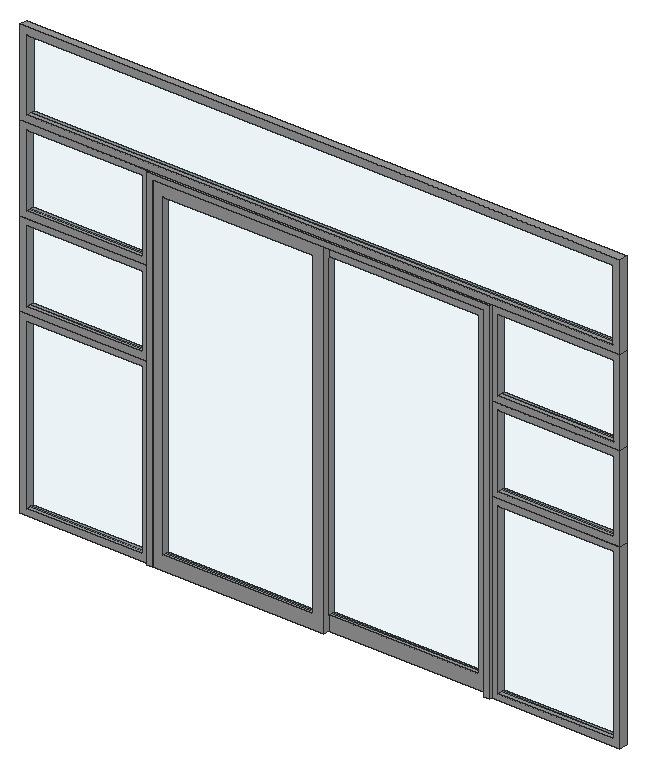
Revit family "Kal_A3-Aluminium-Sliding-Single-sidelights+fan", category Doors, host Wall, Revit 2016
Family settings
  Host = Wall
  Always vertical = Yes
  Cut with Voids When Loaded = No
  Shared = No
  Room Calculation Point = No
Parameters (values of type "2400 X 900 sidelights")
  ww = 900 mm
  fh = 600 mm
  dw = 2400 mm
  dh = 2465 mm
  URL = "http://www.kal.co.za"
  Thickness = 0 mm
  Rough Width = 0 mm
  Rough Height = 0 mm
  Model Type = "Single Sliding"
  Model = "Arcadia Patio Doors"
  Material Glass = Glass
  Material Door Frame = Default Aluminium Door Frame
  Manufacturer Code = ""
  Manufacturer = "Kal-Aluminium"
  Height = dh + fh  # 3065 mm
  Wall Closure = By host
  Width = ww + dw + ww  # 4200 mm
  Function = Interior
  Frame Finish = "Anodised Aluminium"
  Construction Type = "Aluminium"
  Assembly Code = ""
Types (8, lengths in mm): name | ww | fh | dw | dh | Height | Width
  1800 & 600 sidelights | 600 | 425 | 1800 | 2125 | 2550 | 3000
  1800 & 900 sidelights | 900 | 600 | 1800 | 2125 | 2725 | 3600
  2100 X 600 sidelights | 600 | 680 | 2100 | 2125 | 2805 | 3300
  2100 X 900 sidelights | 900 | 600 | 2100 | 2125 | 2725 | 3900
  2400 X 600 sidelights | 600 | 600 | 2400 | 2125 | 2725 | 3600
  2400 X 900 sidelights | 900 | 600 | 2400 | 2465 | 3065 | 4200
  1500 X 600 sidelights | 600 | 600 | 1500 | 2125 | 2725 | 2700
  1500 X 900 sidelights | 900 | 600 | 1500 | 2125 | 2725 | 3300
Reference planes
  plane 1 "Center Line": y = 0
  plane 2 "Center (Left/Right)": x = -874.5
  plane 3 "Left": x = -2074.5
  plane 4 "Right": x = 325.5
  plane 5: z = 2190
  plane 6: z = -175
  plane 7: x = -2974.5
  plane 8: x = 1225.5
  plane 9: x = -2524.5
  plane 10: x = 775.5
  plane 11: z = 2790
  plane 12: z = 3045
Forms (mm)
  Sweep 1, solid, material "Default ALUMINIUM FRAME"
    path origin (0, 0, 0) x (1, 0, 0) y (0, 0, 1)
      loop
        line (325.5, 2190) -> (-2074.5, 2190)
    profile "Frame Sliding door profile upvc : Frame Sliding door profile upvc" origin (-874.5, 0, 2190) x (0, 0, -1) y (0, -1, 0)
      loop
        line (0, -46) -> (40, -46) -> (40, 46) -> (0, 46) -> (0, -46)
  Sweep 2, solid, material "Default ALUMINIUM FRAME"
    path origin (0, 0, 0) x (1, 0, 0) y (0, 0, 1)
      loop
        line (325.5, -275) -> (325.5, 2190)
    profile "Frame Sliding door profile upvc : Frame Sliding door profile upvc" origin (325.5, 0, 957.5) x (-1, 0, 0) y (0, -1, 0)
      loop
        line (0, -46) -> (40, -46) -> (40, 46) -> (0, 46) -> (0, -46)
  Sweep 3, solid, material "Default ALUMINIUM FRAME"
    path origin (0, 0, 0) x (1, 0, 0) y (0, 0, 1)
      loop
        line (-2074.5, -275) -> (-2074.5, 2190)
    profile "Frame Sliding door profile upvc : Frame Sliding door profile upvc" origin (-2074.5, 0, 957.5) x (-1, 0, 0) y (0, -1, 0)
      loop
        line (0, -46) -> (0, 46) -> (-40, 46) -> (-40, -46) -> (0, -46)
  Extrusion 4, solid, material "Default ALUMINIUM FRAME"
    sketch origin (0, 46, 0) x (1, 0, 0) y (0, 0, 1)
      loop
        line (285.5, -275) -> (285.5, 2150) -> (-912, 2150) -> (-912, -275) -> (285.5, -275)
      loop
        line (210.5, -175) -> (210.5, 2075) -> (-837, 2075) -> (-837, -175) -> (210.5, -175)
    from 0 to 44
  Extrusion 5, solid, material "Default ALUMINIUM FRAME"
    sketch origin (0, -46, 0) x (1, 0, 0) y (0, 0, 1)
      loop
        line (-837, -275) -> (-837, 2150) -> (-2034.5, 2150) -> (-2034.5, -275) -> (-837, -275)
      loop
        line (-912, -175) -> (-912, 2075) -> (-1959.5, 2075) -> (-1959.5, -175) -> (-912, -175)
    from 0 to -44
  Extrusion 6, solid, material "Glass" <- "Material Glass"
    sketch origin (0, 46, 0) x (1, 0, 0) y (0, 0, 1)
      loop
        line (210.5, -175) -> (210.5, 2075) -> (-837, 2075) -> (-837, -175) -> (210.5, -175)
    from 18 to 28
  Extrusion 7, solid, material "Glass" <- "Material Glass"
    sketch origin (0, -46, 0) x (1, 0, 0) y (0, 0, 1)
      loop
        line (-912, -175) -> (-912, 2075) -> (-1959.5, 2075) -> (-1959.5, -175) -> (-912, -175)
    from -18 to -28
  Sweep 8, solid, material "Default ALUMINIUM FRAME"
    path origin (-1174.5, 0, 0) x (1, 0, 0) y (0, 0, 1)
      loop
        line (-900, 990) -> (-900, 1590) -> (-1800, 1590) -> (-1800, 990) -> (-900, 990)
    profile origin (-2524.5, 0, 0) x (0, 0, -1) y (0, -1, 0)
      loop
        line (-990, -28) -> (-990, 28) -> (-1034, 28) -> (-1034, -28) -> (-990, -28)
  Extrusion 9, solid, material "Glass"
    sketch origin (-1174.5, 0, 0) x (1, 0, 0) y (0, 0, 1)
      loop
        line (-944, 1034) -> (-944, 1546) -> (-1756, 1546) -> (-1756, 1034) -> (-944, 1034)
    from 5 to -5
  Sweep 10, solid, material "Default ALUMINIUM FRAME"
    path origin (-1174.5, 0, 0) x (1, 0, 0) y (0, 0, 1)
      loop
        line (-900, -275) -> (-900, 990) -> (-1800, 990) -> (-1800, -275) -> (-900, -275)
    profile origin (-2524.5, 0, 0) x (0, 0, -1) y (0, -1, 0)
      loop
        line (275, -28) -> (275, 28) -> (231, 28) -> (231, -28) -> (275, -28)
  Extrusion 11, solid, material "Glass"
    sketch origin (-1174.5, 0, 0) x (1, 0, 0) y (0, 0, 1)
      loop
        line (-944, -231) -> (-944, 946) -> (-1756, 946) -> (-1756, -231) -> (-944, -231)
    from 5 to -5
  Sweep 12, solid, material "Default ALUMINIUM FRAME"
    path origin (-1174.5, 0, 600) x (1, 0, 0) y (0, 0, 1)
      loop
        line (-900, 990) -> (-900, 1590) -> (-1800, 1590) -> (-1800, 990) -> (-900, 990)
    profile origin (-2524.5, 0, 0) x (0, 0, -1) y (0, -1, 0)
      loop
        line (-1590, -28) -> (-1590, 28) -> (-1634, 28) -> (-1634, -28) -> (-1590, -28)
  Extrusion 13, solid, material "Glass"
    sketch origin (-1174.5, 0, 600) x (1, 0, 0) y (0, 0, 1)
      loop
        line (-944, 1034) -> (-944, 1546) -> (-1756, 1546) -> (-1756, 1034) -> (-944, 1034)
    from 5 to -5
  Sweep 14, solid, material "Default ALUMINIUM FRAME"
    path origin (1025.5, 0, 0) x (1, 0, 0) y (0, 0, 1)
      loop
        line (200, 990) -> (200, 1590) -> (-700, 1590) -> (-700, 990) -> (200, 990)
    profile origin (775.5, 0, 0) x (0, 0, -1) y (0, -1, 0)
      loop
        line (-990, -28) -> (-990, 28) -> (-1034, 28) -> (-1034, -28) -> (-990, -28)
  Extrusion 15, solid, material "Glass"
    sketch origin (1025.5, 0, 0) x (1, 0, 0) y (0, 0, 1)
      loop
        line (156, 1034) -> (156, 1546) -> (-656, 1546) -> (-656, 1034) -> (156, 1034)
    from 5 to -5
  Sweep 16, solid, material "Default ALUMINIUM FRAME"
    path origin (1025.5, 0, 0) x (1, 0, 0) y (0, 0, 1)
      loop
        line (200, -275) -> (200, 990) -> (-700, 990) -> (-700, -275) -> (200, -275)
    profile origin (775.5, 0, 0) x (0, 0, -1) y (0, -1, 0)
      loop
        line (275, -28) -> (275, 28) -> (231, 28) -> (231, -28) -> (275, -28)
  Extrusion 17, solid, material "Glass"
    sketch origin (1025.5, 0, 0) x (1, 0, 0) y (0, 0, 1)
      loop
        line (156, -231) -> (156, 946) -> (-656, 946) -> (-656, -231) -> (156, -231)
    from 5 to -5
  Sweep 18, solid, material "Default ALUMINIUM FRAME"
    path origin (1025.5, 0, 600) x (1, 0, 0) y (0, 0, 1)
      loop
        line (200, 990) -> (200, 1590) -> (-700, 1590) -> (-700, 990) -> (200, 990)
    profile origin (775.5, 0, 0) x (0, 0, -1) y (0, -1, 0)
      loop
        line (-1590, -28) -> (-1590, 28) -> (-1634, 28) -> (-1634, -28) -> (-1590, -28)
  Extrusion 19, solid, material "Glass"
    sketch origin (1025.5, 0, 600) x (1, 0, 0) y (0, 0, 1)
      loop
        line (156, 1034) -> (156, 1546) -> (-656, 1546) -> (-656, 1034) -> (156, 1034)
    from 5 to -5
  Extrusion 20, solid, material "Default ALUMINIUM FRAME"
    sketch origin (0, -46, 0) x (1, 0, 0) y (0, 0, 1)
      loop
        line (1225.5, 2190) -> (1225.5, 2790) -> (-2974.5, 2790) -> (-2974.5, 2190) -> (1225.5, 2190)
      loop
        line (1175.5, 2740) -> (-2924.5, 2740) -> (-2924.5, 2240) -> (1175.5, 2240) -> (1175.5, 2740)
    from -18 to -74
  Extrusion 21, solid, material "Glass"
    sketch origin (0, -46, 0) x (1, 0, 0) y (0, 0, 1)
      loop
        line (1175.5, 2740) -> (-2924.5, 2740) -> (-2924.5, 2240) -> (1175.5, 2240) -> (1175.5, 2740)
    from -41 to -51
Cuts and joins
  joined: Sweep 1, Sweep 2, Sweep 3
Lines and regions (mm)
  Opening 1
    outline origin (-4152.854, -110, -275) x (1, 0, 0) y (0, 0, 1)
      loop
        line (1178.354, 0) -> (5378.354, 0) -> (5378.354, 3320) -> (1178.354, 3320) -> (1178.354, 0)
Text (mm)
  text "Exterior" at (-2295.016, 1099.543, 0), in view "Ref. Level"
  text "Exterior" at (0, 1615.38, 3698.081), in view "Left"
  text "Exterior" at (0, 1036.032, 3874.932), in view "Right"
Dimensions and locks
  equal spacing: plane 3 "Left", plane 2 "Center (Left/Right)", plane 4 "Right"
  "dw": plane 3 "Left" to plane 4 "Right"
  equal spacing: Sweep 10, Sweep 12, plane 5
  "ww": plane 7 to plane 3 "Left"
  "ww": plane 4 "Right" to plane 8
  equal spacing: Sweep 16, Sweep 18, plane 5
  equal spacing: Extrusion 5, nested 1, Extrusion 4
  plane 7 to plane 8 = 4200 mm
  equal spacing: plane 3 "Left", plane 9, plane 7
  equal spacing: plane 4 "Right", plane 10, plane 8
  "fh": plane 5 to plane 11
  "dh": level to plane 5
  locked: plane 11 to plane 12 at 255
  aligned and locked: host wall to plane 1 "Center Line"
  aligned and locked: plane 6 to Extrusion 4 sketch curve
  aligned and locked: plane 6 to Extrusion 5 sketch curve
  aligned and locked: Extrusion 7 sketch curve to Extrusion 5  (x3)
  aligned and locked: Extrusion 6 sketch curve to Extrusion 4  (x3)
  aligned and locked: Extrusion 4 sketch curve to cut or joined group of Sweep 1, Sweep 2, Sweep 3
  aligned and locked: cut or joined group of Sweep 1, Sweep 2, Sweep 3 to Extrusion 5 sketch curve
  aligned and locked: Sweep 8 to Sweep 10  (x2)
  aligned and locked: Extrusion 13 sketch curve to Sweep 12
  aligned and locked: Sweep 12 sketch curve to plane 7
  aligned and locked: Sweep 8 sketch curve to plane 7
  aligned and locked: Sweep 16 to Sweep 14
  aligned and locked: Sweep 14 to Sweep 16
  aligned and locked: Extrusion 19 sketch curve to Sweep 18
  aligned and locked: Extrusion 19 to Sweep 18
  aligned and locked: Extrusion 15 to Sweep 14
  aligned and locked: Extrusion 17 to Sweep 16  (x3)
  aligned and locked: Opening 1 sketch curve to plane 8
  aligned and locked: Opening 1 sketch curve to plane 7
  aligned and locked: Sweep 10 sketch curve to plane 7
  aligned and locked: Extrusion 4 to Sweep 10 sketch curve
  aligned and locked: Extrusion 13 to Sweep 12
  aligned and locked: Extrusion 9 to Sweep 8  (x3)
  aligned and locked: Extrusion 11 to Sweep 10  (x3)
  aligned and locked: Sweep 14 sketch curve to Sweep 18
  aligned and locked: Sweep 14 sketch curve to Sweep 16
  aligned and locked: Extrusion 15 sketch curve to Sweep 14  (x2)
  aligned and locked: Sweep 2 sketch curve to Extrusion 4
  aligned and locked: level to Opening 1 sketch curve
  aligned and locked: Sweep 16 sketch curve to level
  aligned and locked: Extrusion 5 sketch curve to level
  aligned and locked: Sweep 18 to Extrusion 20 sketch curve
  aligned and locked: Extrusion 20 sketch curve to Sweep 18
  aligned and locked: Extrusion 20 sketch curve to host wall
  aligned and locked: Extrusion 20 to Sweep 12
  aligned and locked: Extrusion 20 to Extrusion 21 sketch curve
  aligned and locked: Extrusion 21 sketch curve to Extrusion 20  (x3)
  aligned and locked: Extrusion 21 to Extrusion 13  (x2)
  aligned and locked: Opening 1 sketch curve to plane 12
  aligned and locked: Extrusion 20 sketch curve to plane 11
Automatic sketch dimensions
  Sweep 1 sketch curve to plane 5 = 0 mm
  Sweep 2 sketch curve to plane 4 "Right" = 0 mm
  Sweep 2 sketch curve to plane 5 = 0 mm
  Sweep 3 sketch curve to plane 3 "Left" = 0 mm
  Sweep 3 sketch curve to plane 5 = 0 mm
  Extrusion 4 sketch curve to level = 0 mm
  plane 5 to Extrusion 4 sketch curve = 115 mm
  plane 5 to Extrusion 5 sketch curve = 115 mm
  plane 4 "Right" to Extrusion 4 sketch curve = 115 mm
  plane 4 "Right" to Extrusion 4 sketch curve = 40 mm
  Extrusion 5 sketch curve to plane 3 "Left" = 115 mm
  Extrusion 5 sketch curve to plane 3 "Left" = 40 mm
  Sweep 1 sketch curve to plane 3 "Left" = 0 mm
  Sweep 1 sketch curve to plane 4 "Right" = 0 mm
  plane 3 "Left" to Sweep 8 sketch curve = 0 mm
  Sweep 8 sketch curve to plane 6 = 1165 mm
  plane 5 to Sweep 8 sketch curve = 600 mm
  Sweep 8 sketch curve to profile plane = 0 mm
  profile plane to Sweep 8 sketch curve = 44 mm
  Sweep 8 sketch curve to profile plane = 28 mm
  profile plane to Sweep 8 sketch curve = 28 mm
  plane 3 "Left" to Extrusion 9 sketch curve = 44 mm
  Extrusion 9 sketch curve to Extrusion 9 sketch curve = 512 mm
  plane 3 "Left" to Sweep 10 sketch curve = 0 mm
  Sweep 10 sketch curve to plane 6 = 1165 mm
  Sweep 10 sketch curve to profile plane = 0 mm
  profile plane to Sweep 10 sketch curve = 44 mm
  Sweep 10 sketch curve to profile plane = 28 mm
  profile plane to Sweep 10 sketch curve = 28 mm
  plane 6 to Extrusion 11 sketch curve = 56 mm
  plane 3 "Left" to Extrusion 11 sketch curve = 44 mm
  Extrusion 11 sketch curve to plane 6 = 1121 mm
  plane 2 "Center (Left/Right)" to Extrusion 4 sketch curve = 37.5 mm
  Extrusion 4 sketch curve to plane 2 "Center (Left/Right)" = 37.5 mm
  Extrusion 5 sketch curve to plane 2 "Center (Left/Right)" = 37.5 mm
  plane 2 "Center (Left/Right)" to Extrusion 5 sketch curve = 37.5 mm
  plane 2 "Center (Left/Right)" to Extrusion 6 sketch curve = 37.5 mm
  Extrusion 7 sketch curve to plane 2 "Center (Left/Right)" = 37.5 mm
  Extrusion 9 sketch curve to Extrusion 9 sketch curve = 812 mm
  Extrusion 11 sketch curve to Extrusion 11 sketch curve = 812 mm
  Sweep 12 sketch curve to plane 5 = 0 mm
  Sweep 12 sketch curve to plane 3 "Left" = 0 mm
  plane 5 to Sweep 12 sketch curve = 600 mm
  Sweep 12 sketch curve to profile plane = 0 mm
  profile plane to Sweep 12 sketch curve = 44 mm
  Sweep 12 sketch curve to profile plane = 28 mm
  profile plane to Sweep 12 sketch curve = 28 mm
  plane 3 "Left" to Extrusion 13 sketch curve = 856 mm
  plane 3 "Left" to Extrusion 13 sketch curve = 44 mm
  plane 5 to Extrusion 13 sketch curve = 44 mm
  Sweep 14 sketch curve to plane 4 "Right" = 0 mm
  Sweep 14 sketch curve to plane 8 = 0 mm
  Sweep 14 sketch curve to profile plane = 0 mm
  profile plane to Sweep 14 sketch curve = 44 mm
  Sweep 14 sketch curve to profile plane = 28 mm
  profile plane to Sweep 14 sketch curve = 28 mm
  Extrusion 15 sketch curve to plane 4 "Right" = 44 mm
  Extrusion 15 sketch curve to plane 8 = 44 mm
  Sweep 16 sketch curve to plane 4 "Right" = 0 mm
  Sweep 16 sketch curve to plane 8 = 0 mm
  Sweep 16 sketch curve to plane 6 = 1165 mm
  Sweep 16 sketch curve to profile plane = 0 mm
  profile plane to Sweep 16 sketch curve = 44 mm
  Sweep 16 sketch curve to profile plane = 28 mm
  profile plane to Sweep 16 sketch curve = 28 mm
  Extrusion 17 sketch curve to plane 4 "Right" = 44 mm
  Extrusion 17 sketch curve to plane 8 = 44 mm
  plane 6 to Extrusion 17 sketch curve = 56 mm
  Extrusion 17 sketch curve to plane 6 = 1121 mm
  Sweep 18 sketch curve to plane 4 "Right" = 0 mm
  Sweep 18 sketch curve to plane 5 = 0 mm
  Sweep 18 sketch curve to plane 8 = 0 mm
  Sweep 18 sketch curve to Sweep 18 sketch curve = 600 mm
  Sweep 18 sketch curve to profile plane = 0 mm
  profile plane to Sweep 18 sketch curve = 44 mm
  Sweep 18 sketch curve to profile plane = 28 mm
  profile plane to Sweep 18 sketch curve = 28 mm
  Extrusion 19 sketch curve to plane 4 "Right" = 44 mm
  Extrusion 19 sketch curve to plane 8 = 44 mm
  plane 5 to Extrusion 19 sketch curve = 44 mm
  level to Extrusion 9 sketch curve = 1309 mm
  Sweep 3 sketch curve to level = 0 mm
  plane 7 to Extrusion 20 sketch curve = 50 mm
  Extrusion 20 sketch curve to plane 8 = 50 mm
  Extrusion 20 sketch curve to plane 5 = 50 mm
  plane 11 to Extrusion 20 sketch curve = 50 mm
Nested families
  nested 1: "arrow" at (-1435.75, 0, 1160) x (1, 0, 0) z (0, 1, 0), type "arrow"
  nested 2: "arrow" at (-384.5, 160, -275), type "arrow"
Definition of nested family "arrow"
  Reference planes
    plane 1 "Center (Front/Back)": y = 0
    plane 2: z = 0
    plane 3 "Center (Left/Right)": x = 0
  Lines and regions (mm)
    detail lines, in view "Ref. Level"
      curve 1: line (-100, 0, 0) -> (100, 0, 0)
      curve 2: line (100, 0, 0) -> (57.574, -42.426, 0)
      curve 3: line (100, 0, 0) -> (57.574, 42.426, 0)
